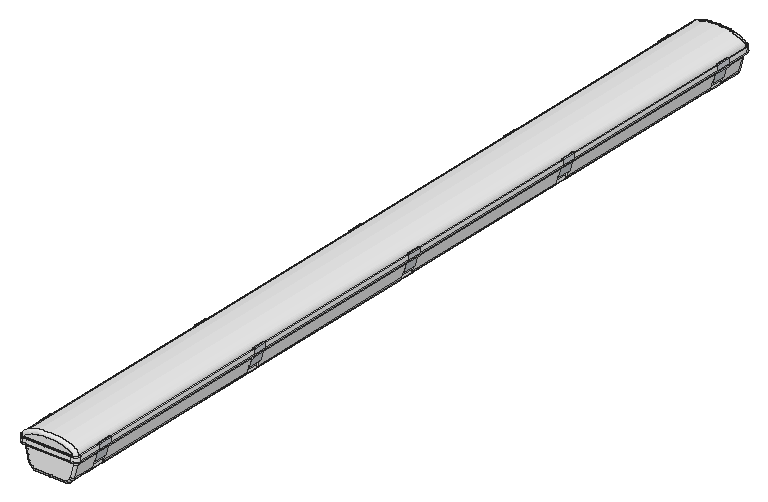
Revit family "0068078", category Lighting Fixtures, host Face, Revit 2017
Family settings
  Host = Face
  Round Connector Dimension = Use Diameter
  Part Type = Normal
  OmniClass Number = 23.80.70.11.14
  OmniClass Title = General Luminaries, Directional
  Cut with Voids When Loaded = No
  Light Source = Yes
  Shared = No
  Room Calculation Point = No
Parameters (values of type "0068078 ST WTRPRF GRP T 1500 IP65 MW 7100LM 840")
  Width = 110 mm
  Weight = "2.67 kg"
  Wattage Comments = "n/a"
  Wattage = 61 W
  WarrantyStartDate [instance] = "n/a"
  WarrantyGuarantorParts = "n/a"
  WarrantyDurationUnit = "n/a"
  WarrantyDurationParts = "n/a"
  WarrantyDescription = "n/a"
  built-in parameter 1150110 = 1 (stored number, unit not read)
  Voltage = 0 V
  URL = "http://www.sylvania-lighting.com"
  TypeName = "START Waterproof GRP Twin 1500 IP65 MW 7100 840"
  Type Image = <None>
  Type Comments = "n/a"
  built-in parameter 1114217 = 1 (stored number, unit not read)
  Tilt Angle = -90.00°
  built-in parameter 1150109 = 1 (stored number, unit not read)
  built-in parameter 1150134 = 12
  built-in parameter 1150113 = 1 (stored number, unit not read)
  SerialNumber [instance] = "n/a"
  ReflectorMaterial = none
  PowerFactor = 0.91
  PowerConsumption = "61 W"
  Photometric Web File = "0068078.ies"
  NominalWidth = 0 mm
  NominalLength = 1578 mm
  NominalHeight = 78 mm
  Name = "START Waterproof GRP Twin 1500 IP65 MW 7100 840"
  ModelReference = "START Waterproof GRP Twin 1500 IP65 MW 7100 840"
  ModelNumber = "0068078"
  Model = "START Waterproof GRP Twin 1500 IP65 MW 7100 840"
  Material = "composite material housing, pc polycarbonate diffuser"
  ManufacturerName = "Feilo Sylvania"
  Manufacturer = "Feilo Sylvania"
  LuminousEfficacy = "115 lm/W"
  built-in parameter 1150105 = 558.24 (stored number, unit not read)
  Lumens = 7015 lm
  LuminaireType = ""
  built-in parameter 1150115 = 1 (stored number, unit not read)
  LightOutputRatio = "n/a"
  built-in parameter 1150137 = (empty or 0)
  built-in parameter 1150139 = (empty or 0)
  Length = 1572 mm
  LampsType = Lamp  # "LED"
  LampNominalLuminous = "7050 lm"
  LampMacAdamStep = "n/a"
  LampColourTemperature = "4000 K"
  LampColourRenderingIndex = "80"
  built-in parameter 1150112 = 1 (stored number, unit not read)
  built-in parameter 1150114 = 1 (stored number, unit not read)
  Lamp = "LED"
  Keynote = "16500"
  InstallationDate [instance] = "n/a"
  InputVoltage = "n/a"
  InputNominalFrequency = "n/a"
  built-in parameter 1150132 = (empty or 0)
  built-in parameter 1150102 = (empty or 0)
  built-in parameter 1150107 = 4000 (stored number, unit not read)
  built-in parameter 1150138 = (empty or 0)
  IngressProtection = "IP65"
  ImpactProtectionIndex = "IK08"
  built-in parameter 1150106 = 5.5824 (stored number, unit not read)
  IfcExportType = "IfcLightFixtureType"
  IfcExportAs = "IfcLightFixtureType"
  ExpectedLife = 50000
  Emit from Rectangle Width = Width - 20 mm  # 90 mm
  Emit from Rectangle Length = Length - 20 mm  # 1552 mm
  Emit Shape Visible in Rendering = no
  ElectricShockClassification = "Class I"
  built-in parameter 1150104 = 10.684 (stored number, unit not read)
  DurationUnit = "hours"
  DocumentationLiterature = "http://www.sylvania-lighting.com/product/en-int/products/0068078"
  DimmingControlOptions = "n/a"
  Dimming Lamp Color Temperature Shift = <None>
  DiffuserMaterial = Diffuser-Sylvania-Transparent
  Description = "Start Waterproof, integrated LED weatherproof luminaire, with UV stabilized flat diffuser and linear prisms designed to achieve uniform lit appearance, optimise light output and to reduce glare, stainless steel diffuser clips and fixing brackets for surface mounting. Glass Reinforced Plastic housing for robustness, Polycarbonate diffuser, 7050lm, 61W, 115lm/W, 4000K, drive current 700mA, MW On/Off,  CRI80, IP65, IK08, Class I,  nominal average life (h):50000, 1578mm x 110mm x 78mm ,energy class: A++ A+ A, D-mark"
  Default Elevation = 1219.2 mm
  CreatedOn = "10/3/2019"
  CreatedBy = "@sylvania-lighting.com"
  Cost = 0
  Color Filter = 16777215
  built-in parameter 1114216 [instance] = (empty or 0)
  ClassificationValue = "EF_70_80"
  ClassificationName = "Uniclass2015"
  BodyMaterial = Body-Sylvania-Gray
  BarCode [instance] = "n/a"
  built-in parameter 1114218 = 1 (stored number, unit not read)
  built-in parameter 1150133 = 10 (stored number, unit not read)
  AssetType = "Fixed"
  AssetIdentifier [instance] = "n/a"
  Assembly Code = "D5020200"
  Apparent Load = 61 VA
  AccessoryMaterial = Diffuser-Sylvania-Glow
Reference planes
  plane 1 "Center (Front/Back)": y = 0
  plane 2: z = 0
  plane 3 "Center (Left/Right)": x = 0
  plane 4: z = 54
  plane 5: x = -27.7
  plane 6: x = -34.8
  plane 7: x = -39.6
  plane 8: x = -42.2
  plane 9: z = 3
  plane 10: z = 7.8
  plane 11: z = 12.3
  plane 12: z = 36.6
  plane 13: z = 42.8
  plane 14: x = -51.1
  plane 15: z = 46.2
  plane 16: x = -55
  plane 17: y = 786
  plane 18: y = -786
  plane 19: x = 27.7
  plane 20: x = 34.8
  plane 21: x = 39.6
  plane 22: x = 42.2
  plane 23: x = 51.1
  plane 24: x = 55
  plane 25: y = 778.4
  plane 26: y = -778.4
  plane 27: y = -774.7
  plane 28: y = 774.7
  plane 29: z = 74
  plane 30: x = -51.5
  plane 31: x = 51.5
  plane 32: z = 55.2
  plane 33: y = -782.5
  plane 34: y = 782.5
  plane 35: x = -37.5
  plane 36: x = 37.5
  plane 37: x = -48.7
  plane 38: x = 48.7
  plane 39: x = 18
  plane 40: x = -18
  plane 41: z = 50.2
  plane 42: z = 24.6
  plane 43: y = 720
  plane 44: y = 706
  plane 45: y = 734
  plane 46: y = -720
  plane 47: y = 720
  plane 48: y = 706
  plane 49: y = 734
  plane 50: y = -720
  plane 51: y = -734
  plane 52: y = -706
  plane 53: y = 360
  plane 54: y = 346
  plane 55: y = 374
  plane 56: y = 0
  plane 57: y = -14
  plane 58: y = 14
  plane 59: y = -360
  plane 60: y = -374
  plane 61: y = -346
Forms (mm)
  Sweep 1, solid, material "Body-Sylvania-Gray" <- "BodyMaterial", detail levels medium+fine
    path origin (1223.4, -4572, 54) x (0, -1, 0) y (1, 0, 0)
      loop
        arc (-3796, -1278.4) -> (-3788.929, -1275.471) -> (-3786, -1268.4) r 10
        line (-3786, -1268.4) -> (-3786, -1178.4)
        arc (-3786, -1178.4) -> (-3788.929, -1171.329) -> (-3796, -1168.4) r 10
        line (-3796, -1168.4) -> (-5348, -1168.4)
        arc (-5348, -1168.4) -> (-5355.071, -1171.329) -> (-5358, -1178.4) r 10
        line (-5358, -1178.4) -> (-5358, -1268.4)
        arc (-5358, -1268.4) -> (-5355.071, -1275.471) -> (-5348, -1278.4) r 10
        line (-5348, -1278.4) -> (-3796, -1278.4)
    profile origin (-55, 0, 54) x (-1, 0, 0) y (0, 0, 1)
      loop
        line (0, 0) -> (-1, 0) -> (-1, -7.726)
        arc (-1, -7.726) -> (-1.994, -9.498) -> (-3.9, -10.2) r 2.937
        line (-3.9, -10.2) -> (-8.571, -10.2) -> (-8.571, -11.2) -> (-3.9, -11.2)
        arc (-3.9, -11.2) -> (-1.313, -10.231) -> (0, -7.8) r 3.937
        line (0, -7.8) -> (0, 0)
  Sweep 2, solid, material "Body-Sylvania-Gray" <- "BodyMaterial", detail levels medium+fine
    path origin (0, 0, 0) x (1, 0, 0) y (0, 0, 1)
      loop
        line (48.7, 42.8) -> (48.7, 36.6) -> (42.203, 12.31)
        arc (42.203, 12.31) -> (41.199, 9.884) -> (39.6, 7.8) r 10.052
        line (39.6, 7.8) -> (34.8, 3)
        arc (34.8, 3) -> (31.554, 0.781) -> (27.7, 0) r 9.902
        line (27.7, 0) -> (0, 0) -> (-27.7, 0)
        arc (-27.7, 0) -> (-31.554, 0.781) -> (-34.8, 3) r 9.902
        line (-34.8, 3) -> (-39.6, 7.8)
        arc (-39.6, 7.8) -> (-41.199, 9.884) -> (-42.203, 12.31) r 10.052
        line (-42.203, 12.31) -> (-48.7, 36.6) -> (-48.7, 42.8)
    profile origin (0, 0, 0) x (0, 0, -1) y (0, -1, 0)
      loop
        arc (0, 773.4) -> (-1.464, 776.936) -> (-5, 778.4) r 5
        line (-5, 778.4) -> (-7.8, 778.4) -> (-7.8, -778.4) -> (-5, -778.4)
        arc (-5, -778.4) -> (-1.464, -776.936) -> (0, -773.4) r 5
        line (0, -773.4) -> (0, 773.4)
  Extrusion 3, solid, material "Body-Sylvania-Gray" <- "BodyMaterial", detail levels medium+fine
    sketch origin (1524, 778.4, 1219.2) x (1, 0, 0) y (0, 0, 1)
      loop
        arc (-1558.668, -1204.874) -> (-1558.443, -1205.418) -> (-1558.085, -1205.885) r 2.252
        line (-1558.085, -1205.885) -> (-1553.231, -1210.738)
        arc (-1553.231, -1210.738) -> (-1552.534, -1211.227) -> (-1551.7, -1211.4) r 2.102
        line (-1551.7, -1211.4) -> (-1496.3, -1211.4)
        arc (-1496.3, -1211.4) -> (-1495.466, -1211.227) -> (-1494.769, -1210.738) r 2.102
        line (-1494.769, -1210.738) -> (-1489.915, -1205.885)
        arc (-1489.915, -1205.885) -> (-1489.557, -1205.418) -> (-1489.332, -1204.874) r 2.252
        line (-1489.332, -1204.874) -> (-1483.1, -1181.575) -> (-1483.1, -1176.4) -> (-1564.9, -1176.4) -> (-1564.9, -1181.575) -> (-1558.668, -1204.874)
    from 0 to 1556.8
  Sweep 4, solid, material "Diffuser-Sylvania-Transparent" <- "DiffuserMaterial", detail levels medium+fine
    path origin (0, 0, 0) x (1, 0, 0) y (0, 0, 1)
      loop
        spline (-51.5, 55.2) -> (-49.745, 60.066) -> (-44.6, 64.6) -> (-36.416, 68.494) -> (-25.75, 71.481) -> (-13.329, 73.359) -> (0, 74) -> (13.329, 73.359) -> (25.75, 71.481) -> (36.416, 68.494) -> (44.6, 64.6) -> (49.745, 60.066) -> (51.5, 55.2)
    profile origin (51.5, 0, 55.2) x (0, -1, 0) y (1, 0, 0)
      loop
        arc (782.5, -5.5) -> (780.889, -1.611) -> (777, 0) r 5.5
        line (777, 0) -> (-777, 0)
        arc (-777, 0) -> (-780.889, -1.611) -> (-782.5, -5.5) r 5.5
        line (-782.5, -5.5) -> (-782.5, -6.3) -> (-781.5, -6.3) -> (-781.5, -5.5)
        arc (-781.5, -5.5) -> (-780.182, -2.318) -> (-777, -1) r 4.5
        line (-777, -1) -> (777, -1)
        arc (777, -1) -> (780.182, -2.318) -> (781.5, -5.5) r 4.5
        line (781.5, -5.5) -> (781.5, -6.347) -> (782.5, -6.347) -> (782.5, -5.5)
  Extrusion 5, solid, material "Diffuser-Sylvania-Transparent" <- "DiffuserMaterial", detail levels medium+fine
    sketch origin (1524, -782.5, 1219.2) x (1, 0, 0) y (0, 0, 1)
      loop
        line (-1569.653, -1164) -> (-1478.347, -1164)
        spline (-1478.347, -1164) -> (-1478.969, -1162.594) -> (-1482.527, -1159.545) -> (-1489.588, -1156.201) -> (-1499.458, -1153.445) -> (-1511.242, -1151.663) -> (-1524, -1151.049) -> (-1536.758, -1151.663) -> (-1548.542, -1153.445) -> (-1558.412, -1156.201) -> (-1565.473, -1159.545) -> (-1569.031, -1162.594) -> (-1569.653, -1164)
    from 0 to -1
  Extrusion 6, solid, material "Diffuser-Sylvania-Transparent" <- "DiffuserMaterial", detail levels medium+fine
    sketch origin (1524, 782.5, 1219.2) x (1, 0, 0) y (0, 0, 1)
      loop
        spline (-1478.3, -1164) -> (-1478.931, -1162.565) -> (-1482.502, -1159.505) -> (-1489.572, -1156.155) -> (-1499.446, -1153.394) -> (-1511.236, -1151.614) -> (-1524, -1151.007) -> (-1536.764, -1151.614) -> (-1548.554, -1153.394) -> (-1558.428, -1156.155) -> (-1565.498, -1159.505) -> (-1569.069, -1162.565) -> (-1569.7, -1164)
        line (-1569.7, -1164) -> (-1478.3, -1164)
    from 0 to 1
  Extrusion 7, solid, material "Diffuser-Sylvania-Transparent" <- "DiffuserMaterial", detail levels medium+fine
    sketch origin (1223.4, -4572, 55.2) x (0, -1, 0) y (-1, 0, 0)
      loop
        arc (-5353.5, 1177.4) -> (-5352.182, 1174.218) -> (-5349, 1172.9) r 4.5
        line (-5349, 1172.9) -> (-3795, 1172.9)
        arc (-3795, 1172.9) -> (-3791.818, 1174.218) -> (-3790.5, 1177.4) r 4.5
        line (-3790.5, 1177.4) -> (-3790.5, 1269.4)
        arc (-3790.5, 1269.4) -> (-3791.818, 1272.582) -> (-3795, 1273.9) r 4.5
        line (-3795, 1273.9) -> (-5349, 1273.9)
        arc (-5349, 1273.9) -> (-5352.182, 1272.582) -> (-5353.5, 1269.4) r 4.5
        line (-5353.5, 1269.4) -> (-5353.5, 1177.4)
      loop
        line (-5358, 1268.4) -> (-5358, 1178.4)
        arc (-5358, 1178.4) -> (-5355.071, 1171.329) -> (-5348, 1168.4) r 10
        line (-5348, 1168.4) -> (-3796, 1168.4)
        arc (-3796, 1168.4) -> (-3788.929, 1171.329) -> (-3786, 1178.4) r 10
        line (-3786, 1178.4) -> (-3786, 1268.4)
        arc (-3786, 1268.4) -> (-3788.929, 1275.471) -> (-3796, 1278.4) r 10
        line (-3796, 1278.4) -> (-5348, 1278.4)
        arc (-5348, 1278.4) -> (-5355.071, 1275.471) -> (-5358, 1268.4) r 10
    from 0 to 1.2
  Extrusion 8, solid, material "Diffuser-Sylvania-Glow" <- "AccessoryMaterial", detail levels fine
    sketch origin (0, 0, 0) x (1, 0, 0) y (0, 0, 1)
      loop
        circle (-18, 50.2) r 8
      loop
        circle (18, 50.2) r 8
    from -774.7 to 774.7
  Extrusion 9, void
    sketch origin (0, 720, 2343.807) x (0, 0, -1) y (-1, 0, 0)
      loop
        line (2340.807, -37.5) -> (2331.507, -37.5) -> (2319.207, -42.2) -> (2319.207, -48.7) -> (2340.807, -48.7) -> (2340.807, -37.5)
      loop
        line (2340.807, 37.5) -> (2340.807, 48.7) -> (2319.207, 48.7) -> (2319.207, 42.2) -> (2331.507, 37.5) -> (2340.807, 37.5)
    from -14 to 14
  Extrusion 10, solid, material "Body-Sylvania-Gray" <- "BodyMaterial", detail levels coarse
    sketch origin (0, 0, 0) x (1, 0, 0) y (0, 0, 1)
      loop
        line (55, 42.8) -> (55, 55.2) -> (-55, 55.2) -> (-55, 42.791) -> (-42.2, 0) -> (42.2, 0) -> (55, 42.8)
    from -786 to 786
  Extrusion 11, solid, material "Diffuser-Sylvania-Transparent" <- "DiffuserMaterial", detail levels coarse
    sketch origin (0, 0, 0) x (1, 0, 0) y (0, 0, 1)
      loop
        arc (51.5, 55.2) -> (0, 74) -> (-51.5, 55.2) r 79.939
        line (-51.5, 55.2) -> (51.5, 55.2)
    from 778.4 to -778.4
  Extrusion 12, void, not visible
    sketch origin (0, 720, 2343.807) x (0, 0, -1) y (-1, 0, 0)
      loop
        line (2340.807, -37.5) -> (2331.507, -37.5) -> (2319.207, -42.2) -> (2319.207, -48.7) -> (2340.807, -48.7) -> (2340.807, -37.5)
      loop
        line (2340.807, 37.5) -> (2340.807, 48.7) -> (2319.207, 48.7) -> (2319.207, 42.2) -> (2331.507, 37.5) -> (2340.807, 37.5)
    from -14 to 14
  Extrusion 13, void
    sketch origin (0, -720, 2343.807) x (0, 0, -1) y (-1, 0, 0)
      loop
        line (2340.807, -37.5) -> (2331.507, -37.5) -> (2319.207, -42.2) -> (2319.207, -48.7) -> (2340.807, -48.7) -> (2340.807, -37.5)
      loop
        line (2340.807, 37.5) -> (2340.807, 48.7) -> (2319.207, 48.7) -> (2319.207, 42.2) -> (2331.507, 37.5) -> (2340.807, 37.5)
    from -14 to 14
  Extrusion 14, void
    sketch origin (0, 360, 2343.807) x (0, 0, -1) y (-1, 0, 0)
      loop
        line (2340.807, -37.5) -> (2331.507, -37.5) -> (2319.207, -42.2) -> (2319.207, -48.7) -> (2340.807, -48.7) -> (2340.807, -37.5)
      loop
        line (2340.807, 37.5) -> (2340.807, 48.7) -> (2319.207, 48.7) -> (2319.207, 42.2) -> (2331.507, 37.5) -> (2340.807, 37.5)
    from -14 to 14
  Extrusion 15, void
    sketch origin (0, 0, 2343.807) x (0, 0, -1) y (-1, 0, 0)
      loop
        line (2340.807, -37.5) -> (2331.507, -37.5) -> (2319.207, -42.2) -> (2319.207, -48.7) -> (2340.807, -48.7) -> (2340.807, -37.5)
      loop
        line (2340.807, 37.5) -> (2340.807, 48.7) -> (2319.207, 48.7) -> (2319.207, 42.2) -> (2331.507, 37.5) -> (2340.807, 37.5)
    from -14 to 14
  Extrusion 16, void
    sketch origin (0, -360, 2343.807) x (0, 0, -1) y (-1, 0, 0)
      loop
        line (2340.807, -37.5) -> (2331.507, -37.5) -> (2319.207, -42.2) -> (2319.207, -48.7) -> (2340.807, -48.7) -> (2340.807, -37.5)
      loop
        line (2340.807, 37.5) -> (2340.807, 48.7) -> (2319.207, 48.7) -> (2319.207, 42.2) -> (2331.507, 37.5) -> (2340.807, 37.5)
    from -14 to 14
Cuts and joins
  Extrusion 9, Extrusion 13, Extrusion 14, Extrusion 15, Extrusion 16 cuts Sweep 2
  Extrusion 13, Extrusion 14, Extrusion 15, Extrusion 16 cuts Extrusion 3
  joined: Sweep 2, Extrusion 3
  joined: Sweep 4, Extrusion 5, Extrusion 6
Dimensions and locks
  locked: plane 4 to plane 2 at 54
  plane 5 to plane 6 to plane 7 to plane 8 to plane 14 to plane 16 = 7.1 mm locked, 4.8 mm locked, 2.6 mm locked, 8.9 mm, 3.9 mm
  plane 4 to plane 15 to plane 13 to plane 12 to plane 11 to plane 10 to plane 9 = 7.8 mm locked, 3.4 mm, 6.2 mm locked, 24.3 mm locked, 4.5 mm locked, 4.8 mm locked
  equal spacing: plane 18, plane 1 "Center (Front/Back)", plane 17
  "Length": plane 18 to plane 17
  plane 19 to plane 20 to plane 21 to plane 22 to plane 23 to plane 24 = 7.1 mm locked, 4.8 mm locked, 2.6 mm locked, 8.9 mm, 3.9 mm
  equal spacing: plane 24, plane 3 "Center (Left/Right)", plane 16
  "Width": plane 24 to plane 16
  equal spacing: plane 27, plane 1 "Center (Front/Back)", plane 28
  locked: plane 26 to plane 27 at 3.7
  locked: Sweep 1 sketch curve to profile plane at 1
  locked: Sweep 1 sketch curve to plane 13 at 1
  locked: Sweep 1 sketch curve to plane 13 at 3.937  (x2)
  locked: Sweep 1 sketch curve to profile plane at 3.9  (x2)
  locked: plane 29 to plane 4 at 20
  equal spacing: plane 31, plane 3 "Center (Left/Right)", plane 30
  locked: plane 30 to plane 16 at 3.5
  locked: plane 32 to plane 4 at 1.2
  equal spacing: plane 33, plane 1 "Center (Front/Back)", plane 34
  equal spacing: plane 36, plane 3 "Center (Left/Right)", plane 35
  locked: plane 3 "Center (Left/Right)" to plane 35 at 37.5
  locked: plane 34 to plane 17 at 3.5
  equal spacing: plane 38, plane 3 "Center (Left/Right)", plane 37
  locked: plane 37 to plane 16 at 6.3
  equal spacing: plane 25, plane 1 "Center (Front/Back)", plane 26
  locked: plane 17 to plane 25 at 7.6
  locked: Sweep 2 sketch curve to plane 2 at 5  (x2)
  locked: Sweep 2 sketch curve to plane 26 at 5
  locked: plane 25 to Sweep 2 sketch curve at 5
  locked: Sweep 4 sketch curve to plane 31 at 5.5  (x2)
  locked: Sweep 4 sketch curve to plane 34 at 5.5
  plane 33 to Sweep 4 sketch curve = 5.5 mm
  locked: plane 34 to Sweep 4 sketch curve at 1
  locked: Sweep 4 sketch curve to plane 31 at 1
  locked: Sweep 4 sketch curve to Sweep 4 sketch curve at 1
  locked: Sweep 4 sketch curve to plane 31 at 6.347
  locked: Sweep 4 sketch curve to plane 31 at 6.3
  equal spacing: plane 39, plane 3 "Center (Left/Right)", plane 40
  locked: plane 3 "Center (Left/Right)" to plane 40 at 18
  locked: plane 42 to plane 2 at 24.6
  plane 45 to plane 43 to plane 44 = 14 mm locked, 14 mm locked
  locked: plane 17 to plane 43 at 66
  equal spacing: plane 43, plane 1 "Center (Front/Back)", plane 46
  plane 49 to plane 47 to plane 48 = 14 mm locked, 14 mm locked
  plane 52 to plane 50 to plane 51 = 14 mm locked, 14 mm locked  (x2)
  equal spacing: group 1, group 6, group 7, group 8, group 5  (x2)
  equal spacing: group 5, group 8, group 7, group 6, group 1
  plane 55 to plane 53 to plane 54 = 14 mm locked, 14 mm locked  (x2)
  plane 58 to plane 56 to plane 57 = 14 mm locked, 14 mm locked  (x2)
  plane 61 to plane 59 to plane 60 = 14 mm locked, 14 mm locked  (x2)
  plane 43 to plane 53 to plane 1 "Center (Front/Back)" to plane 59 to plane 50 = 360 mm locked, 360 mm locked, 360 mm locked, 360 mm locked
  aligned and locked: plane 2 to host face
  aligned and locked: level to host face
  aligned and locked: plane 16 to Sweep 1 sketch curve
  aligned and locked: Sweep 1 sketch curve to plane 24
  aligned and locked: plane 18 to Sweep 1 sketch curve
  aligned and locked: Sweep 1 sketch curve to plane 13
  aligned and locked: profile plane to Sweep 1 sketch curve
  aligned and locked: plane 3 "Center (Left/Right)" to Sweep 2 sketch curve
  aligned and locked: plane 9 to Sweep 2 sketch curve
  aligned and locked: plane 10 to Sweep 2 sketch curve
  aligned and locked: plane 37 to Sweep 2 sketch curve
  aligned and locked: plane 12 to Sweep 2 sketch curve
  aligned and locked: Sweep 2 sketch curve to level
  aligned and locked: plane 21 to Sweep 2 sketch curve
  aligned and locked: plane 38 to Sweep 2 sketch curve
  aligned and locked: profile plane to Sweep 2 sketch curve
  aligned and locked: plane 25 to Sweep 2 sketch curve
  aligned and locked: Sweep 2 sketch curve to plane 10
  aligned and locked: Extrusion 3 sketch curve to Sweep 2  (x7)
  aligned and locked: Sweep 2 to Extrusion 3 sketch curve
  aligned and locked: Extrusion 3 to plane 25
  aligned and locked: plane 26 to Extrusion 3
  aligned and locked: plane 32 to Sweep 4 sketch curve
  aligned and locked: plane 33 to Sweep 4 sketch curve
  aligned and locked: Sweep 4 to Extrusion 5
  aligned and locked: plane 33 to Extrusion 5
  aligned and locked: Extrusion 5 sketch curve to Sweep 4
  aligned and locked: cut or joined group of Sweep 4, Extrusion 5, Extrusion 6 to Extrusion 6 sketch curve
  aligned and locked: Extrusion 7 sketch curve to cut or joined group of Sweep 4, Extrusion 5, Extrusion 6  (x2)
  aligned and locked: cut or joined group of Sweep 4, Extrusion 5, Extrusion 6 to Extrusion 7 sketch curve  (x2)
  aligned and locked: plane 41 to Extrusion 8 sketch curve  (x2)
  aligned and locked: plane 39 to Extrusion 8 sketch curve
  aligned and locked: plane 27 to Extrusion 8
  aligned and locked: Extrusion 8 to plane 28
  aligned and locked: Extrusion 9 to plane 42
  aligned and locked: plane 9 to Extrusion 9
  aligned and locked: plane 44 to Extrusion 9
  aligned and locked: Extrusion 9 to plane 45
  aligned and locked: Extrusion 7 sketch curve to Sweep 1  (x4)
  aligned and locked: plane 4 to Extrusion 7
  aligned and locked: Extrusion 7 to plane 32
  aligned and locked: nested 2 to plane 43
  aligned and locked: plane 43 to nested 1
  aligned and locked: Extrusion 10 sketch curve to plane 24
  aligned and locked: Extrusion 10 sketch curve to Extrusion 7
  aligned and locked: plane 8 to Extrusion 10 sketch curve
  aligned and locked: plane 22 to Extrusion 10 sketch curve
  aligned and locked: level to Extrusion 10 sketch curve
  aligned and locked: Extrusion 10 to plane 17
  aligned and locked: plane 18 to Extrusion 10
  aligned and locked: cut or joined group of Sweep 4, Extrusion 5, Extrusion 6 to Extrusion 11 sketch curve
  aligned and locked: Extrusion 11 sketch curve to cut or joined group of Sweep 4, Extrusion 5, Extrusion 6  (x2)
  aligned and locked: plane 31 to Extrusion 11 sketch curve
  aligned and locked: plane 30 to Extrusion 11 sketch curve
  aligned and locked: plane 26 to Extrusion 11
  aligned and locked: Extrusion 11 to plane 25
  aligned and locked: imposter light to plane 29
  aligned and locked: plane 3 "Center (Left/Right)" to imposter light
  aligned and locked: plane 1 "Center (Front/Back)" to imposter light
  aligned and locked: plane 51 to Extrusion 13
  aligned and locked: Extrusion 13 to plane 52
  aligned and locked: plane 54 to Extrusion 14
  aligned and locked: Extrusion 14 to plane 55
  aligned and locked: plane 57 to Extrusion 15
  aligned and locked: Extrusion 15 to plane 58
  aligned and locked: plane 60 to Extrusion 16
  aligned and locked: Extrusion 16 to plane 61
  aligned and locked: nested 3 to plane 53
  aligned and locked: plane 53 to nested 10
  aligned and locked: nested 4 to plane 56
  aligned and locked: plane 56 to nested 9
  aligned and locked: nested 5 to plane 59
  aligned and locked: plane 59 to nested 8
  aligned and locked: nested 6 to plane 50
  aligned and locked: plane 50 to nested 7
Automatic sketch dimensions
  host sketch curve to host sketch curve = 2438.4 mm  (x2)
  plane 17 to Sweep 1 sketch curve = 0 mm
  Sweep 1 sketch curve to plane 28 = 1.3 mm
  Sweep 1 sketch curve to plane 7 = 5.4 mm
  plane 27 to Sweep 1 sketch curve = 1.3 mm  (x2)
  Sweep 1 sketch curve to Sweep 1 sketch curve = 4.671 mm
  Sweep 1 sketch curve to plane 4 = 0 mm
  Sweep 2 sketch curve to plane 7 = 0 mm
  Sweep 2 sketch curve to plane 6 = 0 mm
  Sweep 2 sketch curve to plane 5 = 0 mm
  plane 19 to Sweep 2 sketch curve = 0 mm
  Sweep 2 sketch curve to plane 9 = 0 mm
  plane 20 to Sweep 2 sketch curve = 0 mm
  Sweep 2 sketch curve to plane 12 = 0 mm
  Sweep 2 sketch curve to plane 10 = 0 mm
  Sweep 2 sketch curve to plane 13 = 0 mm  (x2)
  Sweep 2 sketch curve to plane 8 = 0.003 mm
  plane 6 to Sweep 2 sketch curve = 2.308 mm
  plane 20 to Sweep 2 sketch curve = 2.308 mm
  Sweep 2 sketch curve to plane 22 = 0.003 mm
  Sweep 2 sketch curve to plane 11 = 0.01 mm  (x2)
  Extrusion 3 sketch curve to plane 5 = 0 mm
  plane 19 to Extrusion 3 sketch curve = 0 mm
  plane 6 to Extrusion 3 sketch curve = 0.132 mm
  plane 6 to Extrusion 3 sketch curve = 0.715 mm
  Extrusion 3 sketch curve to Extrusion 3 sketch curve = 1.592 mm
  Extrusion 3 sketch curve to plane 10 = 0.662 mm  (x2)
  plane 20 to Extrusion 3 sketch curve = 2.308 mm
  plane 20 to Extrusion 3 sketch curve = 0.715 mm
  plane 20 to Extrusion 3 sketch curve = 0.132 mm
  Sweep 4 sketch curve to plane 30 = 0 mm
  Sweep 4 sketch curve to plane 3 "Center (Left/Right)" = 0 mm
  Sweep 4 sketch curve to Sweep 4 sketch curve = 0 mm  (x2)
  plane 37 to Extrusion 5 sketch curve = 3.047 mm
  Extrusion 5 sketch curve to plane 38 = 3.047 mm
  plane 37 to Extrusion 6 sketch curve = 3 mm
  Extrusion 6 sketch curve to plane 38 = 3 mm
  plane 25 to Extrusion 7 sketch curve = 1.4 mm  (x2)
  Extrusion 7 sketch curve to plane 26 = 1.4 mm  (x2)
  Extrusion 8 sketch curve to plane 40 = 0 mm
  Extrusion 9 sketch curve to Extrusion 9 sketch curve = 0 mm
  Extrusion 9 sketch curve to Extrusion 9 sketch curve = 12.3 mm  (x2)
  Extrusion 9 sketch curve to Extrusion 9 sketch curve = 9.3 mm  (x2)
  Extrusion 9 sketch curve to Extrusion 9 sketch curve = 6.5 mm
  Extrusion 9 sketch curve to Extrusion 9 sketch curve = 4.7 mm  (x2)
  Extrusion 9 sketch curve to Extrusion 9 sketch curve = 75 mm
  Extrusion 9 sketch curve to Extrusion 9 sketch curve = 11.2 mm
  Extrusion 10 sketch curve to plane 13 = 0 mm
  plane 13 to Extrusion 10 sketch curve = 0.009 mm
  Extrusion 11 sketch curve to level = 5.939 mm
  Extrusion 10 sketch curve to plane 16 = 0 mm
  Extrusion 12 sketch curve to Extrusion 12 sketch curve = 0 mm
  Extrusion 12 sketch curve to Extrusion 12 sketch curve = 12.3 mm  (x2)
  Extrusion 12 sketch curve to Extrusion 12 sketch curve = 9.3 mm  (x2)
  Extrusion 12 sketch curve to Extrusion 12 sketch curve = 6.5 mm
  Extrusion 12 sketch curve to Extrusion 12 sketch curve = 4.7 mm  (x2)
  Extrusion 12 sketch curve to Extrusion 12 sketch curve = 75 mm
  Extrusion 12 sketch curve to Extrusion 12 sketch curve = 11.2 mm
  Extrusion 13 sketch curve to Extrusion 13 sketch curve = 0 mm
  Extrusion 13 sketch curve to Extrusion 13 sketch curve = 12.3 mm  (x2)
  Extrusion 13 sketch curve to Extrusion 13 sketch curve = 9.3 mm  (x2)
  Extrusion 13 sketch curve to Extrusion 13 sketch curve = 6.5 mm
  Extrusion 13 sketch curve to Extrusion 13 sketch curve = 4.7 mm  (x2)
  Extrusion 13 sketch curve to Extrusion 13 sketch curve = 75 mm
  Extrusion 13 sketch curve to Extrusion 13 sketch curve = 11.2 mm
  Extrusion 14 sketch curve to Extrusion 14 sketch curve = 0 mm
  Extrusion 14 sketch curve to Extrusion 14 sketch curve = 12.3 mm  (x2)
  Extrusion 14 sketch curve to Extrusion 14 sketch curve = 9.3 mm  (x2)
  Extrusion 14 sketch curve to Extrusion 14 sketch curve = 6.5 mm
  Extrusion 14 sketch curve to Extrusion 14 sketch curve = 4.7 mm  (x2)
  Extrusion 14 sketch curve to Extrusion 14 sketch curve = 75 mm
  Extrusion 14 sketch curve to Extrusion 14 sketch curve = 11.2 mm
  Extrusion 15 sketch curve to Extrusion 15 sketch curve = 0 mm
  Extrusion 15 sketch curve to Extrusion 15 sketch curve = 12.3 mm  (x2)
  Extrusion 15 sketch curve to Extrusion 15 sketch curve = 9.3 mm  (x2)
  Extrusion 15 sketch curve to Extrusion 15 sketch curve = 6.5 mm
  Extrusion 15 sketch curve to Extrusion 15 sketch curve = 4.7 mm  (x2)
  Extrusion 15 sketch curve to Extrusion 15 sketch curve = 75 mm
  Extrusion 15 sketch curve to Extrusion 15 sketch curve = 11.2 mm
  Extrusion 16 sketch curve to Extrusion 16 sketch curve = 0 mm
  Extrusion 16 sketch curve to Extrusion 16 sketch curve = 12.3 mm  (x2)
  Extrusion 16 sketch curve to Extrusion 16 sketch curve = 9.3 mm  (x2)
  Extrusion 16 sketch curve to Extrusion 16 sketch curve = 6.5 mm
  Extrusion 16 sketch curve to Extrusion 16 sketch curve = 4.7 mm  (x2)
  Extrusion 16 sketch curve to Extrusion 16 sketch curve = 75 mm
  Extrusion 16 sketch curve to Extrusion 16 sketch curve = 11.2 mm
  radius of Extrusion 8 sketch curve = 8 mm  (x2)
Nested families
  nested 1: "Clip" at (42.2, 720, 24.6), type "Clip", detail levels fine
  nested 2: "Clip" at (-42.2, 720, 24.6) x (-1, 0, 0) z (0, 0, 1), type "Clip", detail levels fine
  nested 3: "Clip" at (-42.2, 360, 24.6) x (-1, 0, 0) z (0, 0, 1), type "Clip", detail levels fine
  nested 4: "Clip" at (-42.2, 0, 24.6) x (-1, 0, 0) z (0, 0, 1), type "Clip", detail levels fine
  nested 5: "Clip" at (-42.2, -360, 24.6) x (-1, 0, 0) z (0, 0, 1), type "Clip", detail levels fine
  nested 6: "Clip" at (-42.2, -720, 24.6) x (-1, 0, 0) z (0, 0, 1), type "Clip", detail levels fine
  nested 7: "Clip" at (42.2, -720, 24.6), type "Clip", detail levels fine
  nested 8: "Clip" at (42.2, -360, 24.6), type "Clip", detail levels fine
  nested 9: "Clip" at (42.2, 0, 24.6), type "Clip", detail levels fine
  nested 10: "Clip" at (42.2, 360, 24.6), type "Clip", detail levels fine
Connectors
  electrical at (0, 0, 0), driven by "Apparent Load"
    settings: index 1, voltage 230 V, apparent load 61 VA, apparent load phase1 0 VA, apparent load phase2 0 VA, apparent load phase3 0 VA, power factor 0, load classification "Lighting", number of poles 1, system type 30, power factor state 1, is connector primary yes, connector utility no, sub classification motor no, connector description ""
Definition of nested family "Clip"
  Parameters (values of type "Clip")
    URL = "http://www.feilosylvania.com"
    Type Comments = "n/a"
    Model = "n/a"
    Manufacturer = "Feilo Sylvania"
    Keynote = "n/a"
    Description = "n/a"
    Default Elevation = 1219.2 mm
    Cost = 0
    BodyMaterial = none
    Assembly Code = "n/a"
  Reference planes
    plane 1 "Center (Front/Back)": y = 0
    plane 2: z = 0
    plane 3 "Center (Left/Right)": x = 0
    plane 4: x = 3.3
    plane 5: x = 6.5
    plane 6: x = 8.9
    plane 7: x = 12.8
    plane 8: z = 12
    plane 9: z = 18.2
    plane 10: z = 21.6
    plane 11: z = 30.6
    plane 12: x = 9.3
    plane 13: z = 19.2
    plane 14: z = 16.2
    plane 15: x = 10.1
    plane 16: y = 12
    plane 17: y = -12
  Forms (mm)
    Extrusion 1, solid
      sketch origin (-0.8, 0, 0) x (1, 0, 0) y (0, 1, 0)
        loop
          line (-1219.2, 1219.2) -> (-1219.2, -1219.2) -> (1219.2, -1219.2) -> (1219.2, 1219.2) -> (-1219.2, 1219.2)
      from 0 to -304.8
    Extrusion 2, solid
      sketch origin (0, 0, 0) x (1, 0, 0) y (0, 0, 1)
        loop
          line (8.9, 16.2) -> (4.58, 0) -> (0, 0) -> (0, -0.8) -> (5.195, -0.8) -> (9.603, 15.731) -> (13.6, 18.806) -> (13.6, 30.6)
          arc (13.6, 30.6) -> (11.45, 32.75) -> (9.3, 30.6) r 2.15
          line (9.3, 30.6) -> (10.1, 30.6)
          arc (10.1, 30.6) -> (11.45, 31.95) -> (12.8, 30.6) r 1.35
          line (12.8, 30.6) -> (12.8, 19.2) -> (8.9, 16.2)
      from -12 to 12
  Lines and regions (mm)
    reference lines
      curve 1: line (3.3, 0, 0) -> (6.5, 0, 12)
      curve 2: arc (8.9, 0, 18.2) -> (11.488, 0, 19.169) -> (12.8, 0, 21.6) r 3.934
  Dimensions and locks
    plane 7 to plane 6 to plane 5 to plane 4 to plane 3 "Center (Left/Right)" = 3.9 mm locked, 2.4 mm locked, 3.2 mm locked, 3.3 mm locked
    plane 11 to plane 10 to plane 9 to plane 8 to plane 2 = 9 mm locked, 3.4 mm locked, 6.2 mm locked, 12 mm locked
    locked: plane 7 to plane 12 at 3.5
    locked: plane 13 to plane 9 at 1
    locked: plane 9 to plane 14 at 2
    locked: plane 15 to plane 12 at 0.8
    locked: plane 2 to Extrusion 2 sketch curve at 0.8
    locked: Extrusion 2 sketch curve to Extrusion 2 sketch curve at 0.8  (x3)
    locked: plane 7 to Extrusion 2 sketch curve at 1.35
    equal spacing: plane 17, plane 1 "Center (Front/Back)", plane 16
    locked: plane 1 "Center (Front/Back)" to plane 16 at 12
    aligned and locked: plane 2 to Extrusion 1
    aligned and locked: level to Extrusion 1
    aligned and locked: plane 4 to curve 1
    aligned and locked: plane 5 to curve 1
    aligned and locked: plane 6 to curve 2
    aligned and locked: plane 10 to curve 2
    aligned and locked: plane 14 to Extrusion 2 sketch curve
    aligned and locked: plane 13 to Extrusion 2 sketch curve
    aligned and locked: plane 7 to Extrusion 2 sketch curve
    aligned and locked: plane 3 "Center (Left/Right)" to Extrusion 2 sketch curve
    aligned and locked: Extrusion 2 sketch curve to level
    aligned and locked: Extrusion 2 sketch curve to plane 11
    aligned and locked: plane 11 to Extrusion 2 sketch curve
    aligned and locked: Extrusion 2 to plane 16
    aligned and locked: plane 17 to Extrusion 2
  Automatic sketch dimensions
    Extrusion 1 sketch curve to Extrusion 1 sketch curve = 2438.4 mm  (x2)
    curve 2 to plane 7 = 0 mm
    curve 1 to level = 0 mm
    curve 1 to plane 8 = 0 mm
    curve 2 to plane 9 = 0 mm
    plane 6 to curve 2 = 0.002 mm
    Extrusion 2 sketch curve to Extrusion 2 sketch curve = 0 mm
    Extrusion 2 sketch curve to plane 6 = 0 mm
    plane 4 to Extrusion 2 sketch curve = 1.28 mm
